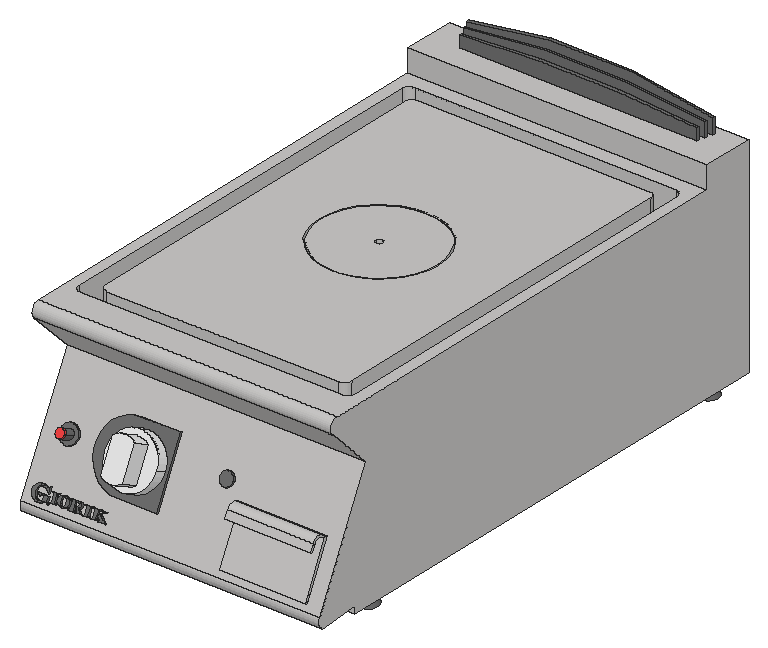
Revit family "QF_GIORIK_TG720T", category Specialty Equipment, Revit 2014
Parameters (values of type "TG720T")
  Weight in Pounds = 110.231
  URL Cutsheet = "www.giorik.com"
  URL = "www.giorik.com"
  Status [instance] = ""
  Specification by User [instance] = ""
  Specification by Manufacturer = ""
  Show Logo [instance] = yes
  Show Clearance [instance] = yes
  Serial Number = ""
  Seismic Rating = ""
  SMACNA No = ""
  Revision Code [instance] = ""
  NAFEM Spec ID Number = ""
  Model = "TG720T"
  Mechanical Remarks [instance] = "Natural Gas"
  Mechanical Connection Type [instance] = ""
  Masterspec = ""
  Manufacturer = "GIORIK"
  Item Number [instance] = ""
  Installed By [instance] = ""
  Identify Quantity as Lot [instance] = no
  Gas Size = 1"
  Gas RI Height [instance] = 0 mm
  Gas KW = 6
  Gas Input = 6000 W
  Gas Connection Height [instance] = 20 mm
  Furnished By [instance] = ""
  Foodservice Equipment Identifier [instance] = yes
  Description = "GAS SOLID TOP HOB - COUNTERTOP VERSION"
  CSI MasterFormat = ""
  Assembly Code = "E1090320"
Reference planes
  plane 1 "Back": y = 0
  plane 2: z = 0
  plane 3 "Left": x = 0
  plane 4 "Right": x = 400
  plane 5 "Front": y = -720
  plane 6 "Top": z = 300
Forms (mm)
  Extrusion 1, solid, visible <- "Show Logo"
    sketch origin (-83.016, -736.761, 9.486) x (-1, 0, 0) y (0, 0.452718, 0.891654)
      loop
        line (-118.824, 58.358) -> (-127.804, 58.358) -> (-125.523, 56.445) -> (-125.523, 48.027) -> (-127.804, 46.113) -> (-118.824, 46.113) -> (-121.105, 48.027) -> (-121.105, 56.445) -> (-118.824, 58.358)
      loop
        line (-163.721, 58.358) -> (-172.7, 58.358) -> (-170.42, 56.445) -> (-170.42, 48.027) -> (-172.7, 46.113) -> (-163.721, 46.113) -> (-166.001, 48.027) -> (-166.001, 56.445) -> (-163.721, 58.358)
      loop
        line (-174.332, 58.358) -> (-183.312, 58.358) -> (-181.031, 56.445) -> (-181.031, 52.435) -> (-186.419, 56.955) -> (-184.416, 58.358) -> (-191.268, 58.358) -> (-188.01, 56.839) -> (-185.455, 54.283) -> (-190.846, 47.858) -> (-193.396, 46.93) -> (-193.396, 46.113) -> (-184.416, 46.113) -> (-185.437, 47.571) -> (-182.443, 51.552) -> (-181.031, 50.894) -> (-181.031, 48.027) -> (-183.312, 46.113) -> (-174.332, 46.113) -> (-176.613, 48.027) -> (-176.613, 56.445) -> (-174.332, 58.358)
      loop
        line (-115.429, 62.063) -> (-115.429, 54.198)
        arc (-115.429, 54.198) -> (-111.618, 57.803) -> (-106.847, 59.986) r 16.039
        arc (-106.847, 59.986) -> (-103.314, 59.837) -> (-100.512, 57.68) r 5.851
        arc (-100.512, 57.68) -> (-98.815, 52.267) -> (-100.512, 46.853) r 9.479
        arc (-100.512, 46.853) -> (-102.406, 44.986) -> (-104.846, 43.93) r 7.236
        arc (-104.846, 43.93) -> (-107.728, 44.111) -> (-110.052, 45.825) r 5.11
        line (-110.052, 45.825) -> (-110.052, 52.001) -> (-116.141, 52.001) -> (-116.141, 45.503) -> (-117.893, 43.751) -> (-114.094, 44.769)
        arc (-114.094, 44.769) -> (-112.56, 44.947) -> (-111.129, 44.366) r 3.115
        arc (-111.129, 44.366) -> (-104.216, 42.091) -> (-97.303, 44.366) r 11.641
        arc (-97.303, 44.366) -> (-93.396, 52.107) -> (-97.303, 59.849) r 9.622
        arc (-97.303, 59.849) -> (-104.369, 62.174) -> (-111.435, 59.849) r 11.898
        line (-111.435, 59.849) -> (-115.429, 62.063)
      loop
        arc (-129.234, 56.068) -> (-135.893, 58.628) -> (-142.552, 56.068) r 9.941
        arc (-142.552, 56.068) -> (-144.234, 52.286) -> (-142.552, 48.505) r 5.093
        arc (-142.552, 48.505) -> (-135.893, 45.945) -> (-129.234, 48.505) r 9.941
        arc (-129.234, 48.505) -> (-127.552, 52.286) -> (-129.234, 56.068) r 5.093
      loop
        arc (-132.628, 54.403) -> (-135.893, 57.668) -> (-139.158, 54.403) r 3.265
        line (-139.158, 54.403) -> (-139.158, 50.169)
        arc (-139.158, 50.169) -> (-135.893, 46.904) -> (-132.628, 50.169) r 3.265
        line (-132.628, 50.169) -> (-132.628, 54.403)
      loop
        arc (-156.363, 58.365) -> (-159.647, 55.081) -> (-156.363, 51.796) r 3.285
        line (-156.363, 51.796) -> (-159.529, 47.306) -> (-162.087, 46.113) -> (-155.847, 46.113) -> (-153.529, 51.083) -> (-150.637, 51.083) -> (-150.637, 47.784) -> (-153.022, 46.113) -> (-144.011, 46.113) -> (-146.094, 47.68) -> (-146.094, 56.493) -> (-144.229, 58.365) -> (-156.363, 58.365)
      loop
        line (-150.637, 57.512) -> (-153.637, 57.512)
        arc (-153.637, 57.512) -> (-156.237, 54.912) -> (-153.637, 52.312) r 2.6
        line (-153.637, 52.312) -> (-150.637, 52.312) -> (-150.637, 57.512)
      loop
        line (-108.924, 52.001) -> (-104.936, 49.005) -> (-100.948, 52.001) -> (-108.924, 52.001)
    from 1.5 to -0.5
  Extrusion 2, solid
    sketch origin (-4, 0, 0) x (1, 0, 0) y (0, 1, 0)
      loop
        circle (54, -385) r 12.5
    from 5 to 20
  Extrusion 3, solid
    sketch origin (0, 1000, -620) x (0, 1, 0) y (0, 0, 1)
      loop
        line (-1000, 919.988) -> (-1070, 919.988) -> (-1070, 889.988) -> (-1688.806, 889.988)
        arc (-1688.806, 889.988) -> (-1699.151, 883.075) -> (-1696.724, 870.873) r 11.197
        line (-1696.724, 870.873) -> (-1640.876, 815.025) -> (-1718.948, 661.258)
        arc (-1718.948, 661.258) -> (-1718.233, 650.105) -> (-1708.118, 645.354) r 10.981
        line (-1708.118, 645.354) -> (-1660, 649.925) -> (-1660, 640) -> (-1000, 640) -> (-1000, 919.988)
    from 0 to 400
  Extrusion 4, void
    sketch origin (402.225, 0, 300) x (0, 1, 0) y (-1, 0, 0)
      loop
        line (-90, 27.225) -> (-90, 377.225)
        arc (-90, 377.225) -> (-92.929, 384.296) -> (-100, 387.225) r 10
        line (-100, 387.225) -> (-640.565, 387.225)
        arc (-640.565, 387.225) -> (-647.636, 384.296) -> (-650.565, 377.225) r 10
        line (-650.565, 377.225) -> (-650.565, 27.225)
        arc (-650.565, 27.225) -> (-647.636, 20.154) -> (-640.565, 17.225) r 10
        line (-640.565, 17.225) -> (-100, 17.225)
        arc (-100, 17.225) -> (-92.929, 20.154) -> (-90, 27.225) r 10
    from -30.012 to -70.012
  Extrusion 5, solid
    sketch origin (-397.775, 0, 229.988) x (0, 1, 0) y (-1, 0, 0)
      loop
        line (-110, -752.776) -> (-110, -442.775)
        arc (-110, -442.775) -> (-112.929, -435.704) -> (-120, -432.775) r 10
        line (-120, -432.775) -> (-620.565, -432.775)
        arc (-620.565, -432.775) -> (-627.636, -435.704) -> (-630.565, -442.775) r 10
        line (-630.565, -442.775) -> (-630.565, -752.776)
        arc (-630.565, -752.776) -> (-627.636, -759.847) -> (-620.565, -762.776) r 10
        line (-620.565, -762.776) -> (-120, -762.776)
        arc (-120, -762.776) -> (-112.929, -759.847) -> (-110, -752.776) r 10
      loop
        circle (-370.282, -599.41) r 80
    from 0 to 40
  Extrusion 6, solid
    sketch origin (-397.775, 0, 229.988) x (0, 1, 0) y (-1, 0, 0)
      loop
        circle (-370.282, -599.41) r 78
      loop
        circle (-370.282, -599.41) r 5
    from 0 to 40
  Extrusion 7, solid
    sketch origin (-294.488, -964.114, -547.637) x (1, 0, 0) y (0, 0.452718, 0.891654)
      loop
        line (463.221, 676.25) -> (463.221, 766.25) -> (409.698, 766.25)
        arc (409.698, 766.25) -> (364.698, 721.25) -> (409.698, 676.25) r 45
        line (409.698, 676.25) -> (463.221, 676.25)
    from 48 to 50
  Extrusion 8, solid
    sketch origin (480.064, -1009.466, -525.041) x (-1, 0, 0) y (0, -0.45351, -0.891251)
      loop
        circle (351.331, -721.346) r 35
    from 0 to 15
  Extrusion 9, solid
    sketch origin (480.064, -1009.466, -525.041) x (-1, 0, 0) y (0, -0.45351, -0.891251)
      loop
        arc (336.331, -743.846) -> (351.331, -748.846) -> (366.331, -743.846) r 25
        line (366.331, -743.846) -> (366.331, -698.846)
        arc (366.331, -698.846) -> (351.331, -693.846) -> (336.331, -698.846) r 25
        line (336.331, -698.846) -> (336.331, -743.846)
    from 15 to 40
  Extrusion 10, solid
    sketch origin (73.883, -980.441, -528.989) x (-1, 0, 0) y (0, -0.452718, -0.891654)
      loop
        circle (38.702, -711.666) r 12.5
    from 25 to 27
  Extrusion 11, solid
    sketch origin (800.091, -1007.423, -522.493) x (-1, 0, 0) y (0, -0.452718, -0.891654)
      loop
        circle (764.91, -718.089) r 6
    from 0 to 15
  Extrusion 12, solid
    sketch origin (800.091, -1008.459, -521.967) x (-1, 0, 0) y (0, -0.452718, -0.891654)
      loop
        circle (764.91, -718.089) r 6
    from 13.838 to 15.838
  Extrusion 13, solid
    sketch origin (-94, 0, -610.002) x (1, 0, 0) y (0, 0, 1)
      loop
        line (135, 909.989) -> (453, 909.989) -> (453, 925.527) -> (347.056, 931.749) -> (240.944, 931.749) -> (135, 925.527) -> (135, 909.989)
    from 32 to 35
  Extrusion 14, solid
    sketch origin (-92, 10, -610.002) x (1, 0, 0) y (0, 0, 1)
      loop
        line (454, 909.989) -> (454, 928.527) -> (346.162, 939.193) -> (237.838, 939.193) -> (130, 928.527) -> (130, 909.989) -> (454, 909.989)
    from 32 to 35
  Extrusion 15, solid
    sketch origin (-90, 20, -610.002) x (1, 0, 0) y (0, 0, 1)
      loop
        line (455, 909.989) -> (455, 930.527) -> (345.396, 947.413) -> (234.604, 947.413) -> (125, 930.527) -> (125, 909.989) -> (455, 909.989)
    from 32 to 35
  Extrusion 16, solid
    sketch origin (127.5, -1006.711, -435.84) x (0, 0.891654, -0.452718) y (0, 0.452718, 0.891654)
      loop
        line (40, 640.1) -> (30, 640.1)
        arc (30, 640.1) -> (22.929, 637.171) -> (20, 630.1) r 10
        line (20, 630.1) -> (20, 620.1) -> (22, 620.1) -> (22, 630.1)
        arc (22, 630.1) -> (24.343, 635.757) -> (30, 638.1) r 8
        line (30, 638.1) -> (38, 638.1) -> (38, 565.1) -> (40, 565.1) -> (40, 640.1)
    from 137.5 to 252.5
  Extrusion 17, solid
    sketch origin (278.883, -972.825, -513.989) x (-1, 0, 0) y (0, -0.452718, -0.891654)
      loop
        circle (38.657, -711.64) r 9
    from 25 to 27
  Extrusion 18, solid
    sketch origin (-143.603, 45.293, -30) x (0, 1, 0) y (-1, 0, 0)
      loop
        circle (-79.293, -516.603) r 5
    from 41.965 to 50
  Revolve 19, solid
    sketch origin (373, 49.943, -600) x (0, 1, 0) y (0, 0, -1)
      loop
        line (-83.943, -611.965) -> (-83.943, -600) -> (-97.943, -600) -> (-94.752, -611.965) -> (-83.943, -611.965)
      axis (-83.943, -611.965) -> (-83.943, -600)
    angle from 0 to 360
  Extrusion 20, solid
    sketch origin (-143.603, -524.707, -30) x (0, 1, 0) y (-1, 0, 0)
      loop
        circle (-79.293, -516.603) r 5
    from 41.965 to 50
  Revolve 21, solid
    sketch origin (373, -520.057, -600) x (0, 1, 0) y (0, 0, -1)
      loop
        line (-83.943, -611.965) -> (-83.943, -600) -> (-97.943, -600) -> (-94.752, -611.965) -> (-83.943, -611.965)
      axis (-83.943, -611.965) -> (-83.943, -600)
    angle from 0 to 360
  Extrusion 22, solid
    sketch origin (543.603, 45.293, -30) x (0, 1, 0) y (-1, 0, 0)
      loop
        circle (-79.293, 516.603) r 5
    from 41.965 to 50
  Revolve 23, solid
    sketch origin (27, 49.943, -600) x (0, 1, 0) y (0, 0, 1)
      loop
        line (-83.943, 611.965) -> (-94.752, 611.965) -> (-97.943, 600) -> (-83.943, 600) -> (-83.943, 611.965)
      axis (-83.943, 611.965) -> (-83.943, 600)
    angle from 0 to 360
  Extrusion 24, solid
    sketch origin (543.603, -524.707, -30) x (0, 1, 0) y (-1, 0, 0)
      loop
        circle (-79.293, 516.603) r 5
    from 41.965 to 50
  Revolve 25, solid
    sketch origin (27, -520.057, -600) x (0, 1, 0) y (0, 0, 1)
      loop
        line (-83.943, 611.965) -> (-94.752, 611.965) -> (-97.943, 600) -> (-83.943, 600) -> (-83.943, 611.965)
      axis (-83.943, 611.965) -> (-83.943, 600)
    angle from 0 to 360
Cuts and joins
  Extrusion 4 cuts Extrusion 3
Lines and regions (mm)
  symbolic lines, style "200-EquipBorder-2D"
    curve 1: line (0, -720, 0) -> (400, -720, 0)
    curve 2: line (400, -720, 0) -> (400, 0, 0)
    curve 3: line (400, 0, 0) -> (0, 0, 0)
    curve 4: line (0, 0, 0) -> (0, -720, 0)
  symbolic lines, style "200-EquipInternal-2D"
    curve 5: line (0, -70, 300) -> (400, -70, 300)
    curve 6: line (15, -100, 300) -> (15, -640.565, 300)
    curve 7: arc (45, -110, 300) -> (37.929, -112.929, 300) -> (35, -120, 300) r 10
    curve 8: arc (25, -90, 300) -> (17.929, -92.929, 300) -> (15, -100, 300) r 10
    curve 9: line (375, -90, 300) -> (25, -90, 300)
    curve 10: line (355, -110, 300) -> (45, -110, 300)
    curve 11: line (35, -120, 300) -> (35, -620.565, 300)
    curve 12: arc (385, -100, 300) -> (382.071, -92.929, 300) -> (375, -90, 300) r 10
    curve 13: arc (365, -120, 300) -> (362.071, -112.929, 300) -> (355, -110, 300) r 10
    curve 14: line (365, -620.565, 300) -> (365, -120, 300)
    curve 15: line (385, -640.565, 300) -> (385, -100, 300)
    curve 16: arc (375, -650.565, 300) -> (382.071, -647.636, 300) -> (385, -640.565, 300) r 10
    curve 17: arc (355, -630.565, 300) -> (362.071, -627.636, 300) -> (365, -620.565, 300) r 10
    curve 18: line (45, -630.565, 300) -> (355, -630.565, 300)
    curve 19: line (25, -650.565, 300) -> (375, -650.565, 300)
    curve 20: arc (35, -620.565, 300) -> (37.929, -627.636, 300) -> (45, -630.565, 300) r 10
    curve 21: arc (15, -640.565, 300) -> (17.929, -647.636, 300) -> (25, -650.565, 300) r 10
    curve 22: circle (201.635, -370.282, 300) r 80 normal (0, 0, 1)
    curve 23: circle (201.635, -370.282, 300) r 78 normal (0, 0, 1)
    curve 24: circle (201.635, -370.282, 300) r 5 normal (0, 0, 1)
    curve 25: line (35, -12, 900) -> (365, -12, 900)
    curve 26: line (365, -12, 900) -> (365, -15, 900)
    curve 27: line (365, -15, 900) -> (35, -15, 900)
    curve 28: line (35, -15, 900) -> (35, -12, 900)
    curve 29: line (38, -22, 900) -> (362, -22, 900)
    curve 30: line (362, -22, 900) -> (362, -25, 900)
    curve 31: line (362, -25, 900) -> (38, -25, 900)
    curve 32: line (38, -25, 900) -> (38, -22, 900)
    curve 33: line (41, -32, 900) -> (359, -32, 900)
    curve 34: line (359, -32, 900) -> (359, -35, 900)
    curve 35: line (359, -35, 900) -> (41, -35, 900)
    curve 36: line (41, -35, 900) -> (41, -32, 900)
Dimensions and locks
  plane 3 "Left" to plane 4 "Right" = 400 mm
  plane 5 "Front" to plane 1 "Back" = 720 mm
  plane 4 "Right" to plane 3 "Left" = 400 mm
  plane 1 "Back" to plane 5 "Front" = 720 mm
  plane 6 "Top" to level = 300 mm  (x2)
  aligned and locked: level to plane 2
Connectors
  piping at (50, -385, 5), diameter 25.4, driven by "Gas Size"
    settings: on Extrusion 2, index 1, connector inside diameter 24", connector length 0 mm, flow factor 0, pipe flow 0.0 L/s, pressure drop 0.0 Pa, fitting loss kfactor 0, connector angle 0.00°, fixture units 0, engagement length 0 mm, angle of deflection 0.00°, flow configuration 1, flow direction 1, fitting loss method 0, system type 22, joint type 0, gender type 0, connector reference index -1, connector utility 0, adjustable connector no, is connector primary yes, connector description "Gas inlet"
